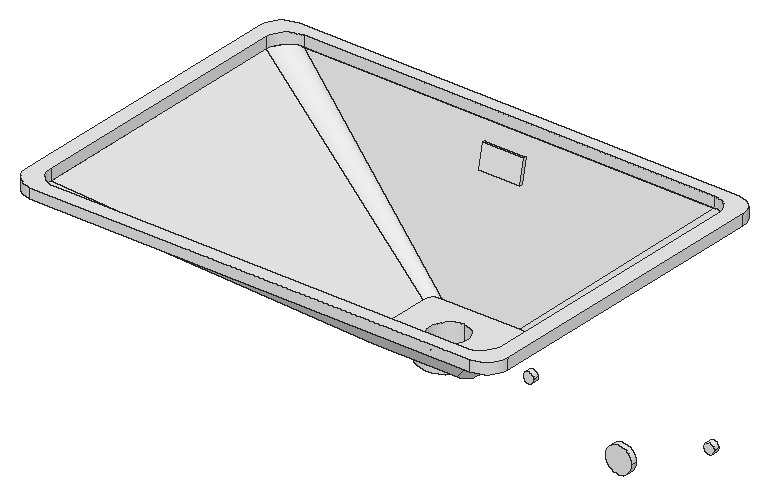
Revit family "Lavatory-Undercounter_Contemporary_LT931_TOTO", category Plumbing Fixtures, host Face, Revit 2013
Parameters (values of type "LT931")
  ecoScorecard_data = "http://toto.ecoscorecard.com/product/LT931"
  ecoScorecard Product Page = "http://toto.ecoscorecard.com/product/LT931"
  Width = 23"
  Waste Connection NPT Radius = 5/8"
  Waste Connection = yes
  Warranty URL = "http://www.totousa.com/warranty-registration"
  Warranty = "One Year Limited Warranty"  # constant formula
  WFU = 0
  Vent Connection = yes
  URL = "http://www.totousa.com"
  Toto BIM Number = "BM-00046"  # constant formula
  Subcategory = "Lavatories"  # constant formula
  Style = "Contemporary"  # constant formula
  Spec Sheet URL = "http://assets.totousa.com/product-files/SS-00302_LT931.pdf"
  Sink Type = "Lavatory"  # constant formula
  Sink Configuration = "Single Sink"  # constant formula
  Shipping Weight = 30.00 lbf
  Series = "Lloyd"  # constant formula
  SanoGloss Available = no
  Sanitary Connetor = "Sanitary Connection"  # constant formula
  Product Page URL = " "
  Parts Manual URL = " "
  Offset From Countertop = 1"
  Mounting = "Undercounter"  # constant formula
  Model = "LT931"
  Material = "Vitreous China"  # constant formula
  Manufacturer Toll Free Phone = "1-888-295-8134"  # constant formula
  Manufacturer Phone = "(770) 282-8686"  # constant formula
  Manufacturer Fax = "(770) 282-0002"  # constant formula
  Manufacturer Email = "mailto:custservice@totousa.com"
  Manufacturer Address = "1155 Southern Road, Morrow, Georgia 30260"  # constant formula
  Manufacturer = "TOTO USA, Inc."  # constant formula
  Installation URL = " "
  Industry Standards = "Meets and exceeds ASME A112.19.2/CSA B45.1"  # constant formula
  Hot Water Connector = "Hot Water Connection"  # constant formula
  Hot Water Connection Radius = 1/4"
  Hot Water Connection Diameter = Hot Water Connection Radius * 2  # 1/2"
  Height = 8 3/4"
  HWFU = 0
  HW Connection = yes
  Finish = Vitreous China - TOTO - 01 Cotton
  Description = "Undercounter Lavatory"
  Depth = 16"
  Default Elevation = 0"
  Cost Info = "mailto:custservice@totousa.com"
  Color Availability = "#01 Cotton, #03 Bone, #11 Colonial White, #12 Sedona Beige, #51 Ebony"  # constant formula
  Cold Water Connector = "Cold Water Connection"  # constant formula
  Cold Water Connection Radius = 1/4"
  Cold Water Connection Diameter = Cold Water Connection Radius * 2  # 1/2"
  Code Compliance = "UPC, IPC, NSPC, NPC Canada, and others"  # constant formula
  Certifications = "IAPMO(cUPC), State of Massachusetts , City of Los Angeles, and others"  # constant formula
  CWFU = 0
  CW Connection = yes
  CAD Drawing URL = "http://assets.totousa.com/product-files/AD-00261_LT931.dxf"
  Basin Width = 21"
  Basin Depth = 14"
  Assembly Code = "D2010310"
  ADA Compliant = yes
  95 CSI = "15410"  # constant formula
  04 CSI = "22 42 16"  # constant formula
Reference planes (in)
  plane 1 "Center (Front/Back)": y = 0
  plane 2 "Bottom": z = 0
  plane 3 "Center (Left/Right)": x = 0
  plane 4 "Back": y = 8
  plane 5 "Front": y = -8
  plane 6 "Right": x = 11.5
  plane 7 "Left": x = -11.5
  plane 8: z = -1
  plane 9: z = -9.75
Forms (in)
  Extrusion 1, void
    sketch origin (-18.4375, -180, 35.125) x (-1, 0, 0) y (0, -1, 0)
      loop
        arc (-8.64419, -187.41535) -> (-7.93709, -187.12246) -> (-7.64419, -186.41535) r 1
        line (-7.64419, -186.41535) -> (-7.64419, -173.58465)
        arc (-7.64419, -173.58465) -> (-7.93709, -172.87754) -> (-8.64419, -172.58465) r 1
        line (-8.64419, -172.58465) -> (-28.23081, -172.58465)
        arc (-28.23081, -172.58465) -> (-28.93791, -172.87754) -> (-29.23081, -173.58465) r 1
        line (-29.23081, -173.58465) -> (-29.23081, -186.41535)
        arc (-29.23081, -186.41535) -> (-28.93791, -187.12246) -> (-28.23081, -187.41535) r 1
        line (-28.23081, -187.41535) -> (-8.64419, -187.41535)
    from -44.875 to -35.125
Dimensions and locks (in)
  equal spacing: plane 7 "Left", plane 3 "Center (Left/Right)", plane 6 "Right"
  equal spacing: plane 4 "Back", plane 1 "Center (Front/Back)", plane 5 "Front"
  "Depth": plane 4 "Back" to plane 5 "Front"
  "Width": plane 7 "Left" to plane 6 "Right"
  "Offset From Countertop": level to plane 8
  "Height": plane 8 to plane 9
  host face to plane 8 = 1"
  aligned and locked: plane 2 "Bottom" to host face
  aligned and locked: level to host face
  aligned and locked: Extrusion 1 to level
  aligned and locked: plane 3 "Center (Left/Right)" to nested 1
  aligned and locked: plane 1 "Center (Front/Back)" to nested 1
  aligned and locked: Extrusion 1 sketch curve to nested 1  (x4)
  aligned and locked: nested 1 to plane 8
  aligned and locked: Extrusion 1 to plane 9
Automatic sketch dimensions
  host sketch curve to host sketch curve = 96"  (x2)
Nested families (in)
  nested 1: "LT931" at (0, 0, -0.5), type "LT931"
    with Distance to Wall 6"
Connectors (in)
  piping at (0, 14.25, -18.625), driven by "WFU", driven by "Waste Connection", driven by "Waste Connection", driven by "Waste Connection NPT Radius", driven by "Sanitary Connetor"
    settings: on nested 1, index 1, connector radius 5/8", flow factor 0, pipe flow 0 GPM, pressure drop 0.00 psi, fitting loss kfactor 0, connector angle 0.00°, fixture units 0, engagement length 0", flow configuration 3, flow direction 2, fitting loss method 0, system type 16, joint type 0, gender type 0, connector reference index -1, connector utility 1, adjustable connector yes, is connector primary yes, fitting loss table "", connector description "Sanitary Connection"
  piping at (4.3125, 14.25, -16.625), driven by "Cold Water Connection Radius", driven by "Cold Water Connector", driven by "CWFU", driven by "CW Connection", driven by "CW Connection"
    settings: on nested 1, index 2, connector radius 1/4", flow factor 0, pipe flow 0 GPM, pressure drop 0.00 psi, fitting loss kfactor 0, connector angle 0.00°, fixture units 0, engagement length 0", flow configuration 3, flow direction 1, fitting loss method 0, system type 20, joint type 0, gender type 0, connector reference index -1, connector utility 1, adjustable connector yes, is connector primary no, fitting loss table "", connector description "Cold Water Connection"
  piping at (-4.3125, 14.25, -16.625), driven by "Hot Water Connection Radius", driven by "Hot Water Connector", driven by "HWFU", driven by "HW Connection", driven by "HW Connection"
    settings: on nested 1, index 3, connector radius 1/4", flow factor 0, pipe flow 0 GPM, pressure drop 0.00 psi, fitting loss kfactor 0, connector angle 0.00°, fixture units 0, engagement length 0", flow configuration 3, flow direction 1, fitting loss method 0, system type 19, joint type 0, gender type 0, connector reference index -1, connector utility 1, adjustable connector yes, is connector primary no, fitting loss table "", connector description "Hot Water Connection"
Definition of nested family "LT931"
  Parameters (values of type "LT931")
    Width = 23"
    Waste Connection = yes
    WFU = 0
    Vent Connection = yes
    URL = ""
    Model = ""
    Manufacturer = ""
    Height = 8 3/4"
    HWFU = 0
    HW Connection = yes
    Finish = Vitreous China - TOTO - 01 Cotton
    Distance to Wall [instance] = 6"
    Description = ""
    Depth = 16"
    CWFU = 0
    CW Connection = yes
    Assembly Code = ""
  Reference planes (in)
    plane 1 "Center (Front/Back)": y = 0
    plane 2: z = 0
    plane 3 "Center (Left/Right)": x = 0
    plane 4: y = 8
    plane 5: y = -8
    plane 6: y = 3.875
    plane 7: x = 11.5
    plane 8: x = -11.5
    plane 9: z = -0.5
    plane 10: z = -1
    plane 11: z = -9.25
    plane 12: z = -16.125
    plane 13: z = -18.125
    plane 14: z = -40
    plane 15: x = 4.3125
    plane 16: x = -4.3125
    plane 17 "Wall Closure": y = 14
    plane 18: x = 0.98
    plane 19: x = -0.98
    plane 20: x = 1.375
    plane 21: x = -1.375
  Forms (in)
    Blend 1, solid, material "Vitreous China - TOTO - 01 Cotton" <- "Finish", detail levels fine
      base sketch origin (0, 0, -0.5) x (1, 0, 0) y (0, 1, 0)
        loop
          arc (11.1461, 6.64609) -> (10.85321, 7.35318) -> (10.14612, 7.64606) r 0.99998
          line (10.14612, 7.64606) -> (-10.14609, 7.64606)
          arc (-10.14609, 7.64606) -> (-10.8532, 7.35317) -> (-11.1461, 6.64605) r 1.00002
          line (-11.1461, 6.64605) -> (-11.1461, -6.64605)
          arc (-11.1461, -6.64605) -> (-10.8532, -7.35317) -> (-10.14609, -7.64606) r 1.00002
          line (-10.14609, -7.64606) -> (10.14612, -7.64606)
          arc (10.14612, -7.64606) -> (10.85321, -7.35318) -> (11.1461, -6.64609) r 0.99998
          line (11.1461, -6.64609) -> (11.1461, 6.64609)
      top sketch origin (0, 0, -0.5) x (1, 0, 0) y (0, 1, 0)
        loop
          arc (-2, 5.875) -> (-2.35355, 5.72855) -> (-2.5, 5.375) r 0.5
          line (-2.5, 5.375) -> (-2.5, 2.375)
          arc (-2.5, 2.375) -> (-2.35355, 2.02145) -> (-2, 1.875) r 0.5
          line (-2, 1.875) -> (2, 1.875)
          arc (2, 1.875) -> (2.35355, 2.02145) -> (2.5, 2.375) r 0.5
          line (2.5, 2.375) -> (2.5, 5.375)
          arc (2.5, 5.375) -> (2.35355, 5.72855) -> (2, 5.875) r 0.5
          line (2, 5.875) -> (-2, 5.875)
      from -0.5 to -8.0485
    Blend 2, void
      base sketch origin (0, 0, -0.5) x (1, 0, 0) y (0, 1, 0)
        loop
          line (-10.79331, 6.41535) -> (-10.79331, -6.41535)
          arc (-10.79331, -6.41535) -> (-10.50041, -7.12246) -> (-9.79331, -7.41535) r 1
          line (-9.79331, -7.41535) -> (9.79331, -7.41535)
          arc (9.79331, -7.41535) -> (10.50041, -7.12246) -> (10.79331, -6.41535) r 1
          line (10.79331, -6.41535) -> (10.79331, 6.41535)
          arc (10.79331, 6.41535) -> (10.50041, 7.12246) -> (9.79331, 7.41535) r 1
          line (9.79331, 7.41535) -> (-9.79331, 7.41535)
          arc (-9.79331, 7.41535) -> (-10.50041, 7.12246) -> (-10.79331, 6.41535) r 1
      top sketch origin (0, 0, -0.5) x (1, 0, 0) y (0, 1, 0)
        loop
          arc (-1.875, 5.75) -> (-2.22855, 5.60355) -> (-2.375, 5.25) r 0.5
          line (-2.375, 5.25) -> (-2.375, 2.5)
          arc (-2.375, 2.5) -> (-2.22855, 2.14645) -> (-1.875, 2) r 0.5
          line (-1.875, 2) -> (1.875, 2)
          arc (1.875, 2) -> (2.22855, 2.14645) -> (2.375, 2.5) r 0.5
          line (2.375, 2.5) -> (2.375, 5.25)
          arc (2.375, 5.25) -> (2.22855, 5.60355) -> (1.875, 5.75) r 0.5
          line (1.875, 5.75) -> (-1.875, 5.75)
      from -0.5 to -7.75591
    Extrusion 3, solid, material "Vitreous China - TOTO - 01 Cotton" <- "Finish", detail levels medium+fine
      sketch origin (0, 0, -0.5) x (1, 0, 0) y (0, 1, 0)
        loop
          arc (-10.5, 8) -> (-11.20711, 7.70711) -> (-11.5, 7) r 1
          line (-11.5, 7) -> (-11.5, -7)
          arc (-11.5, -7) -> (-11.20711, -7.70711) -> (-10.5, -8) r 1
          line (-10.5, -8) -> (10.5, -8)
          arc (10.5, -8) -> (11.20711, -7.70711) -> (11.5, -7) r 1
          line (11.5, -7) -> (11.5, 7)
          arc (11.5, 7) -> (11.20711, 7.70711) -> (10.5, 8) r 1
          line (10.5, 8) -> (-10.5, 8)
        loop
          arc (10.79331, 6.41535) -> (10.50041, 7.12246) -> (9.79331, 7.41535) r 1
          line (9.79331, 7.41535) -> (-9.79331, 7.41535)
          arc (-9.79331, 7.41535) -> (-10.50041, 7.12246) -> (-10.79331, 6.41535) r 1
          line (-10.79331, 6.41535) -> (-10.79331, -6.41535)
          arc (-10.79331, -6.41535) -> (-10.50041, -7.12246) -> (-9.79331, -7.41535) r 1
          line (-9.79331, -7.41535) -> (9.79331, -7.41535)
          arc (9.79331, -7.41535) -> (10.50041, -7.12246) -> (10.79331, -6.41535) r 1
          line (10.79331, -6.41535) -> (10.79331, 6.41535)
      from -0.5 to 0
    Extrusion 4, solid, material "Vitreous China - TOTO - 01 Cotton" <- "Finish"
      sketch origin (-60, 14, 48) x (-1, 0, 0) y (0, 0, 1)
        loop
          circle (-64.3125, -64.125) r 0.25
        loop
          circle (-55.6875, -64.125) r 0.25
        loop
          circle (-60, -66.125) r 0.625
      from 0 to 0.25
    Extrusion 5, solid, material "Vitreous China - TOTO - 01 Cotton" <- "Finish", detail levels fine
      sketch origin (0, 0, 0) x (0, 1, 0) y (0, 0, 1)
        loop
          line (7.64606, -1) -> (5.875, -8.5485) -> (3.875, -8.5485) -> (3.875, -8.93403) -> (5.63364, -8.93403)
          arc (5.63364, -8.93403) -> (6.06594, -8.7828) -> (6.3097, -8.39506) r 0.69349
          line (6.3097, -8.39506) -> (8, -1) -> (7.64606, -1)
      from -1.375 to 1.375
    Extrusion 6, solid, material "Vitreous China - TOTO - 01 Cotton" <- "Finish", detail levels fine
      sketch origin (0, -8, -9.25) x (1, 0, 0) y (0, -1, 0)
        loop
          circle (0, -11.875) r 1.375
      from 0 to -0.99409
    Extrusion 7, void
      sketch origin (0, -8, -9.25) x (0, -1, 0) y (1, 0, 0)
        loop
          circle (-11.875, 0) r 0.875
      from 0 to 8.75
    Extrusion 8, solid, material "Vitreous China - TOTO - 01 Cotton" <- "Finish", detail levels fine
      sketch origin (0.98, -180, -53.88762) x (0, 0, -1) y (0, -1, 0)
        loop
          line (-50.94087, -186.97057) -> (-50.96605, -186.86325) -> (-52.0615, -187.12027) -> (-52.03632, -187.22759) -> (-50.94087, -186.97057)
      from 0 to 1.96
    Blend 9, solid, material "Vitreous China - TOTO - 01 Cotton" <- "Finish", detail levels medium
      base sketch origin (0, 0, -0.5) x (1, 0, 0) y (0, 1, 0)
        loop
          arc (11.1461, 6.64609) -> (10.85321, 7.35318) -> (10.14612, 7.64606) r 0.99998
          line (10.14612, 7.64606) -> (-10.14609, 7.64606)
          arc (-10.14609, 7.64606) -> (-10.8532, 7.35317) -> (-11.1461, 6.64605) r 1.00002
          line (-11.1461, 6.64605) -> (-11.1461, -6.64605)
          arc (-11.1461, -6.64605) -> (-10.8532, -7.35317) -> (-10.14609, -7.64606) r 1.00002
          line (-10.14609, -7.64606) -> (10.14612, -7.64606)
          arc (10.14612, -7.64606) -> (10.85321, -7.35318) -> (11.1461, -6.64609) r 0.99998
          line (11.1461, -6.64609) -> (11.1461, 6.64609)
      top sketch origin (0, 0, -0.5) x (1, 0, 0) y (0, 1, 0)
        loop
          arc (-2, 5.875) -> (-2.35355, 5.72855) -> (-2.5, 5.375) r 0.5
          line (-2.5, 5.375) -> (-2.5, 2.375)
          arc (-2.5, 2.375) -> (-2.35355, 2.02145) -> (-2, 1.875) r 0.5
          line (-2, 1.875) -> (2, 1.875)
          arc (2, 1.875) -> (2.35355, 2.02145) -> (2.5, 2.375) r 0.5
          line (2.5, 2.375) -> (2.5, 5.375)
          arc (2.5, 5.375) -> (2.35355, 5.72855) -> (2, 5.875) r 0.5
          line (2, 5.875) -> (-2, 5.875)
      from -0.5 to -8.0485
    Extrusion 10, solid, material "Vitreous China - TOTO - 01 Cotton" <- "Finish", detail levels medium
      sketch origin (0, 0, 0) x (1, 0, 0) y (0, 1, 0)
        loop
          circle (0, 3.875) r 1.375
      from -9.25 to -8.5485
    Extrusion 11, solid, material "Vitreous China - TOTO - 01 Cotton" <- "Finish", detail levels coarse
      sketch origin (0, 0, 0) x (1, 0, 0) y (0, 1, 0)
        loop
          line (-11.5, 8) -> (-11.5, -8) -> (11.5, -8) -> (11.5, 8) -> (-11.5, 8)
      from -8.5485 to -0.5
    Extrusion 12, solid, material "Vitreous China - TOTO - 01 Cotton" <- "Finish", detail levels coarse
      sketch origin (0, 0, 0) x (1, 0, 0) y (0, 1, 0)
        loop
          line (-1.375, 5.25) -> (-1.375, 2.5) -> (1.375, 2.5) -> (1.375, 5.25) -> (-1.375, 5.25)
      from -9.25 to -8.5485
    Extrusion 13, solid, material "Vitreous China - TOTO - 01 Cotton" <- "Finish", detail levels medium
      sketch origin (0, 0, 0) x (0, 1, 0) y (0, 0, 1)
        loop
          line (7.64606, -1) -> (5.875, -8.5485) -> (3.875, -8.5485) -> (3.875, -8.93403) -> (5.63364, -8.93403)
          arc (5.63364, -8.93403) -> (6.06594, -8.7828) -> (6.3097, -8.39506) r 0.69349
          line (6.3097, -8.39506) -> (8, -1) -> (7.64606, -1)
      from -1.375 to 1.375
  Cuts and joins
    Blend 2, Extrusion 7 cuts Blend 1
    Extrusion 7 cuts Extrusion 5
    Extrusion 7 cuts Extrusion 6
    joined: Blend 1, Extrusion 5, Extrusion 6
    Blend 2, Extrusion 7 cuts Extrusion 3
    Blend 2 cuts Blend 9
  Lines and regions (in)
    symbolic lines, detail levels medium+fine
      curve 1: line (1.875, 5.75, 0) -> (-1.875, 5.75, 0)
      curve 2: arc (-1.875, 5.75, 0) -> (-2.22855, 5.60355, 0) -> (-2.375, 5.25, 0) r 0.5
      curve 3: arc (2.375, 5.25, 0) -> (2.22855, 5.60355, 0) -> (1.875, 5.75, 0) r 0.5
      curve 4: line (2.375, 2.5, 0) -> (2.375, 5.25, 0)
      curve 5: line (-2.375, 5.25, 0) -> (-2.375, 2.5, 0)
      curve 6: arc (-2.375, 2.5, 0) -> (-2.22855, 2.14645, 0) -> (-1.875, 2, 0) r 0.5
      curve 7: line (-1.875, 2, 0) -> (1.875, 2, 0)
      curve 8: arc (1.875, 2, 0) -> (2.22855, 2.14645, 0) -> (2.375, 2.5, 0) r 0.5
      curve 13: line (-10.79331, -6.41535, 0) -> (-10.79331, 6.41535, 0)
      curve 14: arc (-9.79331, -7.41535, 0) -> (-10.50041, -7.12246, 0) -> (-10.79331, -6.41535, 0) r 1
      curve 15: line (9.79331, -7.41535, 0) -> (-9.79331, -7.41535, 0)
      curve 16: arc (10.79331, -6.41535, 0) -> (10.50041, -7.12246, 0) -> (9.79331, -7.41535, 0) r 1
      curve 17: line (10.79331, 6.41535, 0) -> (10.79331, -6.41535, 0)
      curve 18: arc (9.79331, 7.41535, 0) -> (10.50041, 7.12246, 0) -> (10.79331, 6.41535, 0) r 1
      curve 19: line (-9.79331, 7.41535, 0) -> (9.79331, 7.41535, 0)
      curve 20: arc (-10.79331, 6.41535, 0) -> (-10.50041, 7.12246, 0) -> (-9.79331, 7.41535, 0) r 1
      curve 25: arc (11.5, -7, 0) -> (11.20711, -7.70711, 0) -> (10.5, -8, 0) r 1
      curve 26: arc (11.5, 7, 0) -> (11.20711, 7.70711, 0) -> (10.5, 8, 0) r 1
      curve 27: arc (-11.5, -7, 0) -> (-11.20711, -7.70711, 0) -> (-10.5, -8, 0) r 1
      curve 28: arc (-11.5, 7, 0) -> (-11.20711, 7.70711, 0) -> (-10.5, 8, 0) r 1
      curve 40: line (0, 5.875, -8.5485) -> (0, 7.64606, -1)
      curve 41: line (0, 1.875, -8.5485) -> (0, 5.875, -8.5485)
      curve 42: line (0, -7.64606, -1) -> (0, 1.875, -8.5485)
      curve 43: line (0, -7.41535, -1) -> (0, 7.64606, -1)
      curve 44: line (0, 7.64606, -1) -> (0, 8, -1)
      curve 45: line (0, 6.3097, -8.39506) -> (0, 8, -1)
      curve 46: line (0, 3.875, -8.93403) -> (0, 5.63364, -8.93403)
      curve 47: arc (0, 5.63364, -8.93403) -> (0, 6.06594, -8.7828) -> (0, 6.3097, -8.39506) r 0.69349
      curve 48: line (0, -7.41535, -0.5) -> (0, -7.41535, -1)
      curve 49: line (0, 7.41535, -0.5) -> (0, 7.41535, -1)
      curve 50: line (0, -7.41535, -1) -> (0, -8, -1)
      curve 57: line (11.1461, 0, -1) -> (11.5, 0, -1)
      curve 58: line (-11.5, 0, -1) -> (-11.1461, 0, -1)
      curve 62: line (-11.1461, 0, -1) -> (-2.5, 0, -8.5485)
      curve 63: line (-2.5, 0, -8.5485) -> (-1.37229, 0, -8.5485)
      curve 64: line (2.5, 0, -8.5485) -> (11.1461, 0, -1)
      curve 66: line (1.37619, 0, -8.5485) -> (2.5, 0, -8.5485)
      curve 70: line (-11.1461, 0, -1) -> (11.1461, 0, -1)
    symbolic lines, detail levels fine
      curve 9: arc (0, 3, -9.25) -> (0.875, 3.875, -9.25) -> (0, 4.75, -9.25) r 0.875
      curve 10: arc (0, 4.75, -9.25) -> (-0.875, 3.875, -9.25) -> (0, 3, -9.25) r 0.875
      curve 11: arc (1.375, 3.875, -9.25) -> (0, 2.5, -9.25) -> (-1.375, 3.875, -9.25) r 1.375
      curve 12: arc (-1.375, 3.875, -9.25) -> (0, 5.25, -9.25) -> (1.375, 3.875, -9.25) r 1.375
      curve 29: line (-0.98, 7.22759, 0) -> (0.98, 7.22759, 0)
      curve 30: line (-0.98, 7.22759, 0) -> (-0.98, 6.86325, 0)
      curve 31: line (0.98, 6.86325, 0) -> (-0.98, 6.86325, 0)
      curve 32: line (0.98, 6.86325, 0) -> (0.98, 7.22759, 0)
      curve 33: line (0.98, 7.12027, 0) -> (-0.98, 7.12027, 0)
    symbolic lines, detail levels coarse
      curve 21: line (-11.5, 8, 0) -> (-10.5, 8, 0)
      curve 22: line (11.5, -8, 0) -> (11.5, -7, 0)
      curve 23: line (-11.5, -8, 0) -> (-11.5, -7, 0)
      curve 24: line (-11.5, -8, 0) -> (-10.5, -8, 0)
      curve 35: line (0, -8, -8.5485) -> (0, -8, -1)
      curve 36: line (0, 8, -8.5485) -> (0, 8, -1)
      curve 37: line (0, -8, -8.5485) -> (0, 8, -8.5485)
      curve 59: line (-11.5, 0, -1) -> (-11.5, 0, -8.5485)
      curve 60: line (-11.5, 0, -8.5485) -> (11.5, 0, -8.5485)
      curve 61: line (11.5, 0, -8.5485) -> (11.5, 0, -1)
      curve 71: line (10.5, 8, 0) -> (11.5, 8, 0)
      curve 72: line (11.5, 7, 0) -> (11.5, 8, 0)
      curve 74: line (10.5, -8, 0) -> (11.5, -8, 0)
      curve 77: line (-11.5, 7, 0) -> (-11.5, 8, 0)
    symbolic lines
      curve 34: line (0, -8, -0.5) -> (0, 8, -0.5)
      curve 38: line (0, -8, -1) -> (0, -8, -0.5)
      curve 39: line (0, 8, -1) -> (0, 8, -0.5)
      curve 51: line (0, 5.25, -8.5485) -> (0, 5.25, -9.25)
      curve 52: line (0, 5.25, -9.25) -> (0, 2.5, -9.25)
      curve 53: line (0, 2.5, -9.25) -> (0, 2.5, -8.5485)
      curve 54: line (-11.5, 0, -0.5) -> (11.5, 0, -0.5)
      curve 55: line (-11.5, 0, -0.5) -> (-11.5, 0, -1)
      curve 56: line (11.5, 0, -0.5) -> (11.5, 0, -1)
      curve 65: line (-1.37229, 0, -8.5485) -> (1.37619, 0, -8.5485)
      curve 67: line (-1.37229, 0, -9.25) -> (1.37619, 0, -9.25)
      curve 68: line (1.37619, 0, -8.5485) -> (1.37619, 0, -9.25)
      curve 69: line (-1.37229, 0, -8.5485) -> (-1.37229, 0, -9.25)
      curve 73: line (11.5, -7, 0) -> (11.5, 7, 0)
      curve 75: line (-10.5, -8, 0) -> (10.5, -8, 0)
      curve 76: line (-11.5, -7, 0) -> (-11.5, 7, 0)
      curve 78: line (-10.5, 8, 0) -> (10.5, 8, 0)
      curve 79: line (-4.5625, 14.25, 0) -> (-4.0625, 14.25, 0)
      curve 80: line (-4.5625, 14, 0) -> (-4.5625, 14.25, 0)
      curve 81: line (-4.0625, 14, 0) -> (-4.5625, 14, 0)
      curve 82: line (-4.0625, 14.25, 0) -> (-4.0625, 14, 0)
      curve 83: line (-0.625, 14.25, 0) -> (0.625, 14.25, 0)
      curve 84: line (-0.625, 14, 0) -> (-0.625, 14.25, 0)
      curve 85: line (0.625, 14, 0) -> (-0.625, 14, 0)
      curve 86: line (0.625, 14.25, 0) -> (0.625, 14, 0)
      curve 87: line (4.0625, 14.25, 0) -> (4.5625, 14.25, 0)
      curve 88: line (4.0625, 14, 0) -> (4.0625, 14.25, 0)
      curve 89: line (4.5625, 14, 0) -> (4.0625, 14, 0)
      curve 90: line (4.5625, 14.25, 0) -> (4.5625, 14, 0)
      curve 91: line (0, 14.25, -15.875) -> (0, 14, -15.875)
      curve 92: line (0, 14.25, -16.375) -> (0, 14.25, -15.875)
      curve 93: line (0, 14, -16.375) -> (0, 14.25, -16.375)
      curve 94: line (0, 14, -15.875) -> (0, 14, -16.375)
      curve 95: line (0, 14.25, -17.5) -> (0, 14, -17.5)
      curve 96: line (0, 14.25, -18.75) -> (0, 14.25, -17.5)
      curve 97: line (0, 14, -18.75) -> (0, 14.25, -18.75)
      curve 98: line (0, 14, -17.5) -> (0, 14, -18.75)
      curve 99: circle (4.3125, 0, -16.125) r 0.25 normal (0, -1, 0)
      curve 100: circle (0, 0, -18.125) r 0.625 normal (0, -1, 0)
      curve 101: circle (-4.3125, 0, -16.125) r 0.25 normal (0, -1, 0)
  Dimensions and locks (in)
    locked: plane 9 to plane 2 at 0.5
    locked: plane 4 to plane 6 at 4.125
    "Width": plane 8 to plane 7
    equal spacing: plane 8, plane 3 "Center (Left/Right)", plane 7
    "Depth": plane 5 to plane 4
    equal spacing: plane 5, plane 1 "Center (Front/Back)", plane 4
    "Height": plane 11 to plane 9
    locked: plane 2 to plane 12 at 16.125
    locked: plane 2 to plane 13 at 18.125
    locked: plane 2 to plane 14 at 40
    "Distance to Wall": plane 17 "Wall Closure" to plane 4
    locked: Extrusion 4 to plane 17 "Wall Closure" at 0.25
    equal spacing: Blend 2 sketch curve, plane 6, Blend 2 sketch curve, locked at 1.875 each
    equal spacing: Blend 2 sketch curve, plane 3 "Center (Left/Right)", Blend 2 sketch curve, locked at 2.375 each
    equal spacing: Blend 1 sketch curve, plane 3 "Center (Left/Right)", Blend 1 sketch curve, locked at 2.5 each
    equal spacing: Blend 1 sketch curve, plane 6, Blend 1 sketch curve, locked at 2 each
    equal spacing: plane 19, plane 3 "Center (Left/Right)", plane 18, locked at 0.98 each
    equal spacing: plane 21, plane 3 "Center (Left/Right)", plane 20, locked at 1.375 each
    locked: plane 6 to Extrusion 6 sketch curve at 0
    locked: plane 3 "Center (Left/Right)" to Extrusion 6 sketch curve at 0
    locked: plane 6 to Extrusion 7 sketch curve at 0
    locked: plane 3 "Center (Left/Right)" to Extrusion 7 sketch curve at 0
    equal spacing: Extrusion 3 sketch curve, plane 3 "Center (Left/Right)", Extrusion 3 sketch curve
    locked: Extrusion 3 sketch curve to Extrusion 3 sketch curve at 21.58661
    equal spacing: Extrusion 3 sketch curve, plane 1 "Center (Front/Back)", Extrusion 3 sketch curve
    locked: Extrusion 3 sketch curve to Extrusion 3 sketch curve at 14.83071
    equal spacing: Blend 1 sketch curve, plane 1 "Center (Front/Back)", Blend 1 sketch curve, locked at 7.64606 each
    equal spacing: Blend 1 sketch curve, plane 3 "Center (Left/Right)", Blend 1 sketch curve, locked at 11.1461 each
    locked: plane 9 to cut or joined group of Blend 1, Blend 2, Extrusion 5, Extrusion 6, Extrusion 7 at 7.75591
    locked: plane 9 to cut or joined group of Blend 1, Blend 2, Extrusion 5, Extrusion 6, Extrusion 7 at 8.0485
    locked: Extrusion 5 sketch curve to plane 10 at 7.39506
    locked: Extrusion 5 sketch curve to plane 10 at 7.93403
    locked: Extrusion 5 sketch curve to plane 4 at 0.35394
    locked: plane 11 to Extrusion 5 sketch curve at 0.7015
    locked: Extrusion 5 sketch curve to plane 4 at 2.125
    locked: Extrusion 8 sketch curve to plane 10 at 1.94675
    locked: Extrusion 8 sketch curve to plane 10 at 0.8513
    locked: Extrusion 8 sketch curve to Extrusion 8 sketch curve at 0.11024
    locked: Extrusion 8 sketch curve to plane 4 at 1.02943
    cut or joined group of Blend 1, Blend 2, Extrusion 5, Extrusion 6, Extrusion 7 to cut or joined group of Blend 1, Blend 2, Extrusion 5, Extrusion 6, Extrusion 7 = 22.2922"
    locked: Blend 2 sketch curve to Blend 2 sketch curve at 21.58661
    locked: Blend 2 sketch curve to Blend 2 sketch curve at 14.83071
    locked: cut or joined group of Blend 1, Blend 2, Extrusion 5, Extrusion 6, Extrusion 7 to plane 9 at 7.75591
    Blend 9 sketch curve to Blend 9 sketch curve = 5"
    Blend 9 sketch curve to Blend 9 sketch curve = 4"
    Blend 9 sketch curve to Blend 9 sketch curve = 15.29213"
    Blend 9 sketch curve to Blend 9 sketch curve = 22.2922"
    radius of Extrusion 4 sketch curve = 1/4"  (x2)
    radius of Extrusion 4 sketch curve = 5/8"
    radius of Extrusion 6 sketch curve = 1 3/8"
    radius of Extrusion 7 sketch curve = 7/8"
    radius of Blend 1 sketch curve = 0.99998"  (x2)
    radius of Blend 1 sketch curve = 1"  (x2)
    radius of Extrusion 5 sketch curve = 0.69349"
    radius of Blend 9 sketch curve = 0.99998"  (x2)
    radius of Blend 9 sketch curve = 1"  (x2)
    radius of Extrusion 13 sketch curve = 0.69349"
    aligned and locked: cut or joined group of Blend 2, Extrusion 3, Extrusion 7 to plane 9
    aligned: cut or joined group of Blend 1, Blend 2, Extrusion 5, Extrusion 6, Extrusion 7 to plane 9
    aligned and locked: plane 9 to cut or joined group of Blend 2, Extrusion 3, Extrusion 7  (x2)
    aligned: Blend 1 to Blend 2
    aligned and locked: plane 10 to Extrusion 3
    aligned and locked: cut or joined group of Blend 1, Blend 2, Extrusion 5, Extrusion 6, Extrusion 7 to plane 10  (x2)
    aligned and locked: cut or joined group of Blend 2, Extrusion 3, Extrusion 7 to plane 10
    aligned and locked: Extrusion 3 sketch curve to plane 8
    aligned and locked: plane 4 to Extrusion 3 sketch curve
    aligned and locked: plane 5 to Extrusion 3 sketch curve
    aligned and locked: Extrusion 3 sketch curve to plane 7
    aligned and locked: curve 2 to cut or joined group of Blend 1, Blend 2, Extrusion 5, Extrusion 6, Extrusion 7
    aligned and locked: curve 3 to cut or joined group of Blend 1, Blend 2, Extrusion 5, Extrusion 6, Extrusion 7
    aligned and locked: curve 6 to cut or joined group of Blend 1, Blend 2, Extrusion 5, Extrusion 6, Extrusion 7
    aligned and locked: curve 8 to cut or joined group of Blend 1, Blend 2, Extrusion 5, Extrusion 6, Extrusion 7
    aligned and locked: plane 6 to Extrusion 5 sketch curve
    aligned and locked: plane 10 to Extrusion 5 sketch curve  (x2)
    aligned and locked: Extrusion 5 to plane 21
    aligned and locked: Extrusion 5 to plane 20
    aligned and locked: plane 11 to Extrusion 6
    aligned: Extrusion 6 to cut or joined group of Blend 1, Blend 2, Extrusion 5, Extrusion 6, Extrusion 7
    aligned and locked: plane 11 to Extrusion 7
    aligned: Blend 1 to Extrusion 7
    aligned and locked: Extrusion 8 to plane 18
    aligned and locked: Extrusion 8 to plane 19
    aligned and locked: Extrusion 6 to Blend 2
    aligned and locked: curve 9 to cut or joined group of Blend 1, Blend 2, Extrusion 5, Extrusion 6, Extrusion 7
    aligned and locked: curve 10 to cut or joined group of Blend 1, Blend 2, Extrusion 5, Extrusion 6, Extrusion 7
    aligned and locked: curve 12 to cut or joined group of Blend 1, Blend 2, Extrusion 5, Extrusion 6, Extrusion 7
    aligned and locked: plane 4 to Extrusion 5 sketch curve
    aligned and locked: curve 14 to cut or joined group of Blend 2, Extrusion 3, Extrusion 7
    aligned and locked: curve 18 to cut or joined group of Blend 2, Extrusion 3, Extrusion 7
    aligned and locked: curve 20 to cut or joined group of Blend 2, Extrusion 3, Extrusion 7
    aligned and locked: plane 11 to Extrusion 10
  Automatic sketch dimensions
    curve 34 to plane 5 = 0"
    plane 10 to curve 42 = 0"
    plane 9 to curve 48 = 0"
    plane 11 to curve 53 = 0"
    curve 46 to plane 6 = 0"
    curve 44 to plane 4 = 0"
    curve 98 to plane 17 "Wall Closure" = 0"
    curve 91 to plane 17 "Wall Closure" = 0"
    curve 35 to curve 42 = 0.35394"
    curve 42 to curve 48 = 0.23071"
    curve 41 to plane 11 = 0.7015"
    curve 41 to plane 1 "Center (Front/Back)" = 1 7/8"
    curve 41 to curve 53 = 5/8"
    plane 6 to curve 51 = 1 3/8"
    curve 46 to plane 11 = 0.31597"
    curve 51 to curve 46 = 0.38364"
    curve 47 to curve 41 = 0.24136"
    curve 40 to plane 11 = 0.7015"
    curve 40 to curve 41 = 0"
    curve 45 to plane 11 = 0.85494"
    curve 41 to curve 45 = 0.4347"
    curve 49 to plane 4 = 0.58465"
    curve 49 to curve 44 = 0.23071"
    plane 17 "Wall Closure" to curve 95 = 1/4"
    plane 17 "Wall Closure" to curve 92 = 1/4"
    curve 94 to plane 12 = 1/4"
    plane 12 to curve 93 = 1/4"
    curve 96 to plane 13 = 5/8"
    plane 13 to curve 98 = 5/8"
    curve 54 to plane 8 = 0"
    curve 70 to plane 10 = 0"
    curve 101 to plane 12 = 0"
    curve 101 to plane 16 = 0"
    curve 69 to plane 11 = 0"
    curve 100 to plane 3 "Center (Left/Right)" = 0"
    curve 99 to plane 12 = 0"
    plane 15 to curve 99 = 0"
    plane 7 to curve 60 = 0"
    curve 100 to plane 13 = 0"
    curve 55 to plane 9 = 0"
    plane 8 to curve 70 = 0.3539"
    curve 63 to plane 21 = 1 1/8"
    curve 62 to curve 63 = 0"
    plane 21 to curve 69 = 0.00271"
    curve 68 to plane 20 = 0.00119"
    curve 65 to curve 66 = 1.12381"
    plane 7 to curve 64 = 0.3539"
    curve 69 to plane 11 = 0.7015"
    curve 59 to plane 11 = 0.7015"
    plane 8 to Blend 1 sketch curve = 0.3539"
    Blend 1 sketch curve to plane 5 = 0.35394"
    Blend 1 sketch curve to plane 21 = 1 1/8"
    Blend 1 sketch curve to Blend 1 sketch curve = 1/2"  (x2)
    Blend 1 sketch curve to plane 21 = 5/8"
    Blend 1 sketch curve to plane 20 = 5/8"
    Blend 1 sketch curve to plane 1 "Center (Front/Back)" = 1 7/8"
    plane 8 to Blend 2 sketch curve = 0.70669"
    Blend 2 sketch curve to plane 4 = 0.58465"
    Blend 2 sketch curve to Blend 2 sketch curve = 1"  (x4)
    Blend 2 sketch curve to plane 21 = 1"
    Blend 2 sketch curve to plane 21 = 1/2"  (x2)
    Blend 2 sketch curve to plane 20 = 1/2"
    Blend 2 sketch curve to Blend 2 sketch curve = 1/2"
    Blend 2 sketch curve to plane 6 = 1 7/8"
    plane 8 to Extrusion 3 sketch curve = 1"  (x2)
    Extrusion 3 sketch curve to Extrusion 3 sketch curve = 0.70669"  (x4)
    Extrusion 3 sketch curve to Extrusion 3 sketch curve = 1"  (x2)
    Extrusion 4 sketch curve to plane 12 = 0"  (x2)
    plane 15 to Extrusion 4 sketch curve = 0"
    Extrusion 4 sketch curve to plane 3 "Center (Left/Right)" = 0"
    Extrusion 4 sketch curve to plane 16 = 0"
    Extrusion 4 sketch curve to plane 13 = 0"
    curve 27 to plane 8 = 0"
    curve 78 to plane 4 = 0"
    plane 5 to curve 75 = 0"
    curve 81 to plane 17 "Wall Closure" = 0"
    curve 29 to plane 19 = 0"
    curve 84 to plane 17 "Wall Closure" = 0"
    curve 33 to plane 18 = 0"
    curve 88 to plane 17 "Wall Closure" = 0"
    curve 22 to plane 7 = 0"
    curve 78 to curve 19 = 0.70669"
    curve 75 to curve 14 = 0.70669"
    curve 79 to plane 16 = 1/4"
    plane 16 to curve 79 = 1/4"
    plane 19 to curve 83 = 0.355"
    plane 18 to curve 86 = 0.355"
    plane 15 to curve 88 = 1/4"
    curve 90 to plane 15 = 1/4"
    curve 15 to curve 16 = 1"
    curve 19 to curve 71 = 0.70669"
    curve 15 to curve 75 = 0.70669"
    curve 31 to plane 4 = 1.13675"
    curve 31 to curve 33 = 0.25702"
    curve 33 to curve 32 = 0.10732"
    plane 17 "Wall Closure" to curve 84 = 1/4"
    curve 88 to curve 87 = 1/4"
    plane 17 "Wall Closure" to curve 82 = 1/4"
    Extrusion 5 sketch curve to Extrusion 5 sketch curve = 0.24136"
    Extrusion 8 sketch curve to Extrusion 8 sketch curve = 0.02518"
    plane 8 to Blend 9 sketch curve = 0.3539"
    Blend 9 sketch curve to plane 4 = 0.35394"
    plane 7 to Blend 9 sketch curve = 1.35388"
    Blend 9 sketch curve to plane 5 = 1.35395"
    Blend 9 sketch curve to plane 21 = 1 1/8"
    Blend 9 sketch curve to Blend 9 sketch curve = 1/2"  (x2)
    Blend 9 sketch curve to plane 21 = 5/8"
    Blend 9 sketch curve to plane 20 = 5/8"  (x2)
    Blend 9 sketch curve to plane 1 "Center (Front/Back)" = 1 7/8"
    plane 6 to Blend 9 sketch curve = 1 1/2"
    Extrusion 10 sketch curve to Extrusion 10 sketch curve = 0"  (x2)
    Extrusion 10 sketch curve to plane 6 = 0"
    Extrusion 10 sketch curve to plane 21 = 0"
    Extrusion 10 sketch curve to plane 3 "Center (Left/Right)" = 0"
    plane 5 to Extrusion 11 sketch curve = 0"
    Extrusion 11 sketch curve to plane 8 = 0"
    Extrusion 11 sketch curve to plane 4 = 0"
    Extrusion 11 sketch curve to plane 7 = 0"
    Extrusion 12 sketch curve to plane 21 = 0"
    Extrusion 12 sketch curve to plane 20 = 0"
    Extrusion 12 sketch curve to plane 6 = 1 3/8"
    plane 6 to Extrusion 12 sketch curve = 1 3/8"
    plane 10 to Extrusion 13 sketch curve = 0"
    Extrusion 13 sketch curve to plane 11 = 0.7015"
    Extrusion 13 sketch curve to plane 4 = 4 1/8"
    Extrusion 13 sketch curve to plane 11 = 0.31597"
    Extrusion 13 sketch curve to plane 17 "Wall Closure" = 8.36636"
    Extrusion 13 sketch curve to Extrusion 13 sketch curve = 0.24136"
    Extrusion 13 sketch curve to plane 11 = 0.85494"
    Extrusion 13 sketch curve to plane 17 "Wall Closure" = 6.35394"
    Extrusion 13 sketch curve to Extrusion 13 sketch curve = 0.35394"
    radius of curve 99 = 1/4"
    radius of curve 100 = 5/8"
    radius of curve 101 = 1/4"
